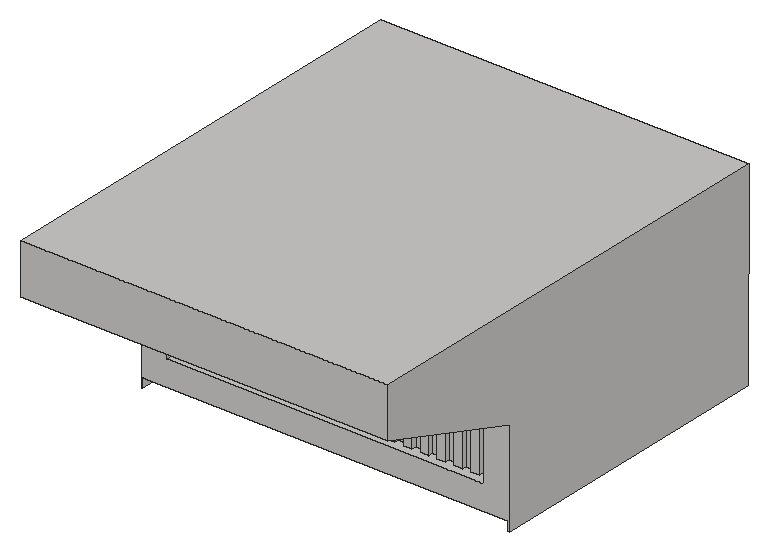
Revit family "QF_ZANUSSI_922737_HOEXST61011", category Specialty Equipment, Revit 2018
Family settings
  Round Connector Dimension = Use Diameter
  Part Type = Normal
  Work Plane-Based = No
  Always vertical = Yes
  Cut with Voids When Loaded = No
  Shared = No
  Room Calculation Point = No
Parameters
  Weight = 0.00 kg
  Watts = 0 W
  Volts = 0 V
  URL Manufacturer = "http://www.zanussiprofessional.com"
  URL = "http://www.zanussiprofessional.com"
  Steam Supply Size = 0 mm
  Steam Supply Minimum Pressure = 0.0 Pa
  Steam Supply Maximum Pressure = 0.0 Pa
  Steam Pounds per Hour = 0
  Show Logo [instance] = yes
  Show Clearance [instance] = yes
  Refrigeration Suction Line Size = 0 mm
  Refrigeration Liquid Line Size = 0 mm
  Refrigerant Compressor Remote = yes
  Manufacturer = "Zanussi"
  Phase = 0
  Model = "HOEXST61011"
  Length Actual = 880 mm  # constant formula
  Item Number = "922737"
  Hot Water Size = 0 mm
  Height Actual = 480 mm  # constant formula
  HP = "0 HP"
  Gas Size = 0 mm
  Gas KW = 0
  Gas Input Pressure = 0 W
  Direct Waste Size = 0 mm
  Description = "EXHAUST HOOD WITHOUT FAN FOR STACKING 6+6&10 GN 1/1 OVENS"
  Depth Actual = 1200 mm  # constant formula
  Cycle = 0 Hz
  Condensate Return Size = 0 mm
  Compressed Air Volume = 0.0 L/s
  Compressed Air Size = 0 mm
  Compressed Air Pressure = 0.0 Pa
  Cold Water Size = 0 mm
  Accessory = yes
Reference planes
  plane 1 "Center X": y = 92.351
  plane 2: z = 0
  plane 3 "Center Y": x = -326.5
  plane 4 "LEFT": x = -760
  plane 5 "BACK": y = 479.851
  plane 6 "RIGHT": x = 107
  plane 7 "FRONT": y = -295.149
  plane 8 "TOP": z = 1728
  plane 9: y = -590.149
  plane 10: x = -764
  plane 11: x = 111
  plane 12: z = 2178
Forms (mm)
  Extrusion 1, solid, material "QF_Clearance", visible <- "Show Clearance", detail levels coarse
    sketch origin (0, 0, 0) x (1, 0, 0) y (0, 1, 0)
      loop
        line (-764, 479.851) -> (111, 479.851) -> (111, 629.851) -> (-764, 629.851) -> (-764, 479.851)
    from 1707 to 2178
  Extrusion 2, solid, material "QF_Clearance", visible <- "Show Clearance", detail levels coarse
    sketch origin (-1150.39, -1524, 2178) x (-1, 0, 0) y (0, -1, 0)
      loop
        line (-386.39, -933.851) -> (-1261.39, -933.851) -> (-1261.39, -2153.851) -> (-386.39, -2153.851) -> (-386.39, -933.851)
    from 450 to 0
  Extrusion 3, solid, material "QF_Finishes_Stainless Steel"
    sketch origin (-764, 902.856, 4000) x (0, 1, 0) y (0, 0, 1)
      loop
        line (-423.005, -2272) -> (-423.005, -1822) -> (-1493.005, -1822) -> (-1493.005, -1942.064) -> (-1133.005, -2066.021) -> (-1133.005, -2272) -> (-423.005, -2272)
    from 60 to 0
  Extrusion 4, solid, material "QF_Finishes_Stainless Steel"
    sketch origin (111, 902.856, 4000) x (0, 1, 0) y (0, 0, 1)
      loop
        line (-423.005, -2272) -> (-423.005, -1822) -> (-1493.005, -1822) -> (-1493.005, -1942.064) -> (-1133.005, -2066.021) -> (-1133.005, -2272) -> (-423.005, -2272)
    from -60 to 0
  Extrusion 5, solid, material "QF_Finishes_Stainless Steel"
    sketch origin (-326.5, 0, 0) x (0, 1, 0) y (0, 0, 1)
      loop
        line (479.851, 1728) -> (479.851, 2178) -> (-590.149, 2178) -> (-590.149, 2057.936) -> (-210.149, 2057.936) -> (-210.149, 1788) -> (-230.149, 1788) -> (-230.149, 1728) -> (479.851, 1728)
    from -377.5 to 377.5
  Extrusion 6, solid, material "QF_Finishes_Stainless Steel"
    sketch origin (0, -295.149, 0) x (-1, 0, 0) y (0, 0, 1)
      loop
        line (764, 1728) -> (760, 1728) -> (760, 1707) -> (764, 1707) -> (764, 1728)
      loop
        line (-107, 1728) -> (-111, 1728) -> (-111, 1707) -> (-107, 1707) -> (-107, 1728)
    from 65 to 775
  Extrusion 7, solid, material "QF_Finishes_Stainless Steel"
    sketch origin (0, 479.851, 0) x (-1, 0, 0) y (0, 0, 1)
      loop
        circle (-86, 2113) r 8
      loop
        circle (326.5, 1746) r 7
    from 0 to 20
  Extrusion 8, solid, material "QF_Finishes_Stainless Steel"
    sketch origin (-764, 902.856, 4000) x (0, 1, 0) y (0, 0, 1)
      loop
        line (-302.005, -2270.064) -> (-302.005, -2125.063) -> (-423.005, -2004.063) -> (-423.005, -2270.064) -> (-302.005, -2270.064)
    from 365 to 50
  Extrusion 9, void
    sketch origin (0, 0, 0) x (1, 0, 0) y (0, 1, 0)
      loop
        line (-696.5, -200.149) -> (-696.5, -210.149) -> (-676.5, -210.149) -> (-676.5, -200.149) -> (-696.5, -200.149)
      loop
        line (-656.5, -200.149) -> (-656.5, -210.149) -> (-636.5, -210.149) -> (-636.5, -200.149) -> (-656.5, -200.149)
      loop
        line (-616.5, -200.149) -> (-616.5, -210.149) -> (-596.5, -210.149) -> (-596.5, -200.149) -> (-616.5, -200.149)
      loop
        line (-576.5, -200.149) -> (-576.5, -210.149) -> (-556.5, -210.149) -> (-556.5, -200.149) -> (-576.5, -200.149)
      loop
        line (-536.5, -200.149) -> (-536.5, -210.149) -> (-516.5, -210.149) -> (-516.5, -200.149) -> (-536.5, -200.149)
      loop
        line (-496.5, -200.149) -> (-496.5, -210.149) -> (-476.5, -210.149) -> (-476.5, -200.149) -> (-496.5, -200.149)
      loop
        line (-456.5, -200.149) -> (-456.5, -210.149) -> (-436.5, -210.149) -> (-436.5, -200.149) -> (-456.5, -200.149)
      loop
        line (-416.5, -200.149) -> (-416.5, -210.149) -> (-396.5, -210.149) -> (-396.5, -200.149) -> (-416.5, -200.149)
      loop
        line (-376.5, -200.149) -> (-376.5, -210.149) -> (-356.5, -210.149) -> (-356.5, -200.149) -> (-376.5, -200.149)
      loop
        line (-336.5, -200.149) -> (-336.5, -210.149) -> (-316.5, -210.149) -> (-316.5, -200.149) -> (-336.5, -200.149)
      loop
        line (-296.5, -200.149) -> (-296.5, -210.149) -> (-276.5, -210.149) -> (-276.5, -200.149) -> (-296.5, -200.149)
      loop
        line (-256.5, -200.149) -> (-256.5, -210.149) -> (-236.5, -210.149) -> (-236.5, -200.149) -> (-256.5, -200.149)
      loop
        line (-216.5, -200.149) -> (-216.5, -210.149) -> (-196.5, -210.149) -> (-196.5, -200.149) -> (-216.5, -200.149)
      loop
        line (-176.5, -200.149) -> (-176.5, -210.149) -> (-156.5, -210.149) -> (-156.5, -200.149) -> (-176.5, -200.149)
      loop
        line (-136.5, -200.149) -> (-136.5, -210.149) -> (-116.5, -210.149) -> (-116.5, -200.149) -> (-136.5, -200.149)
      loop
        line (-96.5, -200.149) -> (-96.5, -210.149) -> (-76.5, -210.149) -> (-76.5, -200.149) -> (-96.5, -200.149)
      loop
        line (-56.5, -200.149) -> (-56.5, -210.149) -> (-36.5, -210.149) -> (-36.5, -200.149) -> (-56.5, -200.149)
      loop
        line (-16.5, -200.149) -> (-16.5, -210.149) -> (3.5, -210.149) -> (3.5, -200.149) -> (-16.5, -200.149)
      loop
        line (23.5, -200.149) -> (23.5, -210.149) -> (43.5, -210.149) -> (43.5, -200.149) -> (23.5, -200.149)
    from 1788 to 2057.936
Cuts and joins
  joined: Extrusion 1, Extrusion 2
  Extrusion 9 cuts Extrusion 3
  Extrusion 9 cuts Extrusion 4
  Extrusion 9 cuts Extrusion 5
  Extrusion 9 cuts Extrusion 6
  Extrusion 9 cuts Extrusion 7
  Extrusion 9 cuts Extrusion 8
  joined: Extrusion 3, Extrusion 4, Extrusion 5, Extrusion 6, Extrusion 7, Extrusion 8
Lines and regions (mm)
  symbolic lines, style "QF_Clearances", visible <- "Show Clearance"
    curve 1: line (111, 629.851, 0) -> (-764, 629.851, 0)
  symbolic lines, style "Linee tratto punto"
    curve 2: line (-764, 479.851, 0) -> (111, 479.851, 0)
    curve 3: line (-764, -590.149, 0) -> (-764, 479.851, 0)
    curve 4: line (111, -590.149, 0) -> (-764, -590.149, 0)
    curve 5: line (111, 479.851, 0) -> (111, -590.149, 0)
    curve 6: line (-714, 600.851, 0) -> (-714, 479.851, 0)
    curve 7: line (-399, 600.851, 0) -> (-714, 600.851, 0)
    curve 8: line (-399, 479.851, 0) -> (-399, 600.851, 0)
    curve 19: line (-764, -590.149, 0) -> (111, 479.851, 0)
    curve 20: line (-764, 479.851, 0) -> (111, -590.149, 0)
  symbolic lines
    curve 9: line (-333.5, 499.851, 0) -> (-319.5, 499.851, 0)
    curve 10: line (-319.5, 499.851, 0) -> (-319.5, 479.851, 0)
    curve 11: line (-333.5, 499.851, 0) -> (-333.5, 479.851, 0)
    curve 12: line (94, 499.851, 0) -> (94, 479.851, 0)
    curve 13: line (94, 499.851, 0) -> (78, 499.851, 0)
    curve 14: line (78, 499.851, 0) -> (78, 479.851, 0)
  symbolic lines, style "SpecialityEquipmentHiddenLines"
    curve 15: line (-334, 338.851, 0) -> (-34, 338.851, 0)
    curve 16: line (-334, 38.851, 0) -> (-334, 338.851, 0)
    curve 17: line (-34, 38.851, 0) -> (-334, 38.851, 0)
    curve 18: line (-34, 338.851, 0) -> (-34, 38.851, 0)
Dimensions and locks
  equal spacing: plane 4 "LEFT", plane 3 "Center Y", plane 6 "RIGHT"
  plane 10 to plane 11 = 875 mm
  plane 5 "BACK" to plane 9 = 1070 mm
  equal spacing: plane 5 "BACK", plane 1 "Center X", plane 7 "FRONT"
  locked: plane 10 to plane 4 "LEFT" at 4
  locked: plane 6 "RIGHT" to plane 11 at 4
  cut or joined group of Extrusion 3, Extrusion 4, Extrusion 5, Extrusion 6, Extrusion 7, Extrusion 8, Extrusion 9 to Extrusion 7 sketch curve = 39 mm
  Extrusion 7 sketch curve to plane 12 = 65 mm
  plane 11 to Extrusion 7 sketch curve = 25 mm
  aligned and locked: level to plane 2
Automatic sketch dimensions
  Extrusion 1 sketch curve to plane 10 = 0 mm
  Extrusion 1 sketch curve to plane 11 = 0 mm
  Extrusion 1 sketch curve to plane 5 "BACK" = 0 mm
  plane 5 "BACK" to Extrusion 1 sketch curve = 150 mm
  Extrusion 2 sketch curve to plane 9 = 0 mm
  Extrusion 2 sketch curve to plane 11 = 0 mm
  Extrusion 2 sketch curve to plane 10 = 0 mm
  plane 5 "BACK" to Extrusion 2 sketch curve = 150 mm
  Extrusion 5 sketch curve to plane 9 = 0 mm
  Extrusion 5 sketch curve to plane 8 "TOP" = 0 mm
  Extrusion 5 sketch curve to plane 5 "BACK" = 0 mm
  Extrusion 5 sketch curve to plane 12 = 0 mm
  plane 7 "FRONT" to Extrusion 5 sketch curve = 65 mm
  plane 7 "FRONT" to Extrusion 5 sketch curve = 85 mm
  plane 8 "TOP" to Extrusion 5 sketch curve = 60 mm
  Extrusion 5 sketch curve to plane 12 = 120.064 mm
  Extrusion 6 sketch curve to plane 8 "TOP" = 0 mm  (x2)
  Extrusion 6 sketch curve to plane 11 = 0 mm
  Extrusion 6 sketch curve to plane 6 "RIGHT" = 0 mm
  Extrusion 6 sketch curve to plane 4 "LEFT" = 0 mm
  Extrusion 6 sketch curve to plane 10 = 0 mm
  Extrusion 6 sketch curve to plane 8 "TOP" = 21 mm
  Extrusion 6 sketch curve to Extrusion 6 sketch curve = 21 mm
  Extrusion 7 sketch curve to plane 3 "Center Y" = 0 mm
  Extrusion 8 sketch curve to plane 5 "BACK" = 0 mm
  plane 8 "TOP" to Extrusion 8 sketch curve = 1.937 mm
  plane 5 "BACK" to Extrusion 8 sketch curve = 121 mm
  Extrusion 8 sketch curve to Extrusion 8 sketch curve = 145 mm
  Extrusion 8 sketch curve to Extrusion 8 sketch curve = 121 mm
  curve 1 to plane 10 = 0 mm
  curve 4 to plane 10 = 0 mm
  curve 1 to plane 11 = 0 mm
  curve 19 to plane 5 "BACK" = 0 mm
  curve 19 to plane 11 = 0 mm
  curve 5 to plane 9 = 0 mm
  plane 4 "LEFT" to curve 6 = 46 mm
  curve 8 to plane 3 "Center Y" = 72.5 mm
  curve 11 to plane 3 "Center Y" = 7 mm
  plane 3 "Center Y" to curve 9 = 7 mm
  curve 15 to plane 3 "Center Y" = 7.5 mm
  curve 18 to plane 6 "RIGHT" = 141 mm
  curve 14 to plane 6 "RIGHT" = 29 mm
  curve 12 to plane 6 "RIGHT" = 13 mm
  plane 1 "Center X" to curve 17 = 53.5 mm
  curve 15 to plane 5 "BACK" = 141 mm
  curve 12 to curve 13 = 20 mm
  plane 5 "BACK" to curve 11 = 20 mm
  plane 5 "BACK" to curve 7 = 121 mm
  curve 12 to curve 1 = 130 mm
  Extrusion 4 sketch curve to plane 9 = 0 mm
  Extrusion 4 sketch curve to plane 8 "TOP" = 0 mm
  Extrusion 4 sketch curve to plane 5 "BACK" = 0 mm
  Extrusion 4 sketch curve to plane 12 = 0 mm
  plane 7 "FRONT" to Extrusion 4 sketch curve = 65 mm
  plane 8 "TOP" to Extrusion 4 sketch curve = 205.979 mm
  Extrusion 4 sketch curve to Extrusion 4 sketch curve = 120.064 mm
  Extrusion 3 sketch curve to plane 9 = 0 mm
  Extrusion 3 sketch curve to plane 8 "TOP" = 0 mm
  Extrusion 3 sketch curve to plane 5 "BACK" = 0 mm
  Extrusion 3 sketch curve to plane 12 = 0 mm
  plane 7 "FRONT" to Extrusion 3 sketch curve = 65 mm
  plane 8 "TOP" to Extrusion 3 sketch curve = 205.979 mm
  Extrusion 3 sketch curve to Extrusion 3 sketch curve = 120.064 mm
  plane 4 "LEFT" to Extrusion 9 sketch curve = 63.5 mm
  Extrusion 9 sketch curve to Extrusion 9 sketch curve = 20 mm  (x35)
  Extrusion 9 sketch curve to plane 3 "Center Y" = 30 mm
  Extrusion 9 sketch curve to plane 3 "Center Y" = 10 mm
  plane 7 "FRONT" to Extrusion 9 sketch curve = 85 mm  (x2)
  Extrusion 9 sketch curve to Extrusion 9 sketch curve = 0 mm  (x17)
  Extrusion 9 sketch curve to Extrusion 9 sketch curve = 10 mm  (x19)
  radius of Extrusion 7 sketch curve = 8 mm
  radius of Extrusion 7 sketch curve = 7 mm
Connectors
  electrical at (86, 499.851, 2113)
    settings: on cut or joined group of Extrusion 3, Extrusion 4, Extrusion 5, Extrusion 6, Extrusion 7, Extrusion 8, Extrusion 9, index 1, voltage 0 V, apparent load 0 VA, apparent load phase1 0 VA, apparent load phase2 0 VA, apparent load phase3 0 VA, power factor 1, load classification "Altro", number of poles 1, system type 30, power factor state 1, is connector primary yes, connector utility no, sub classification motor no, connector description "Electrical Connection"
  piping at (-326.5, 499.851, 1746), diameter 14
    settings: on cut or joined group of Extrusion 3, Extrusion 4, Extrusion 5, Extrusion 6, Extrusion 7, Extrusion 8, Extrusion 9, index 2, connector inside diameter 609.6 mm, connector length 0 mm, flow factor 0, pipe flow 0.0 L/s, pressure drop 0.0 Pa, fitting loss kfactor 0, connector angle 0.00°, fixture units 0, engagement length 0 mm, angle of deflection 0.00°, flow configuration 1, flow direction 2, fitting loss method 0, system type 16, joint type 0, gender type 0, connector reference index -1, connector utility 0, adjustable connector no, is connector primary yes, connector description "Drain"
